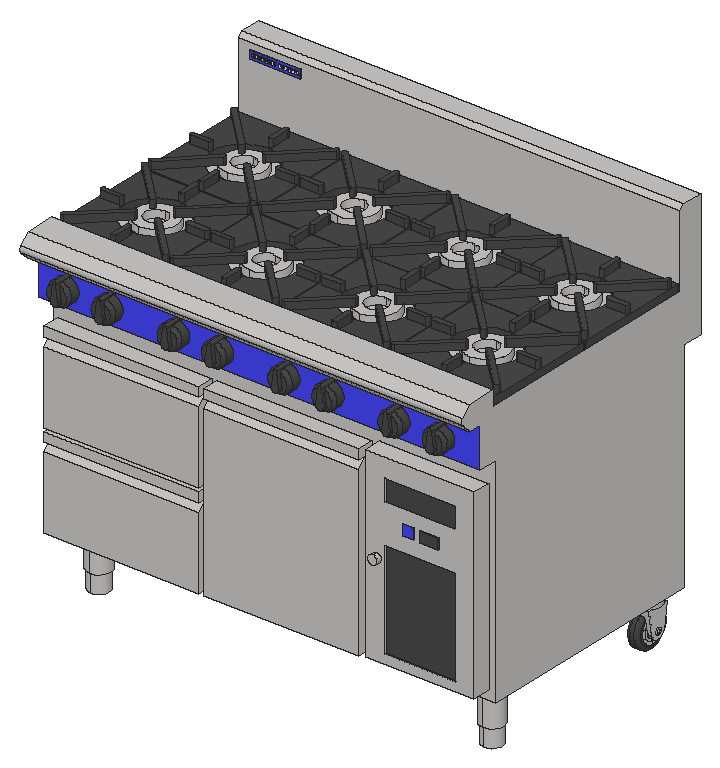
Revit family "QF_MOFFAT_BLUESEAL_CE_G518D-RB", category Specialty Equipment, Revit 2012 (continued)
Definition of nested family "WALDORF LOGO_FACE BASE"
  Forms (mm)
    Extrusion 3, solid, material "QF_Finishes_White", visible <- "Show Logo"
      sketch origin (0, -33.217, 1.588) x (1, 0, 0) y (0, 1, 0)
        loop
          line (123.478, 25.919) -> (123.478, 17.163) -> (134.904, 17.163) -> (134.904, 19.129) -> (129.246, 19.129) -> (129.246, 25.919) -> (123.478, 25.919)
        loop
          line (112.704, 21.258) -> (115.546, 21.258) -> (115.546, 22.702)
          arc (115.546, 22.702) -> (115.344, 23.188) -> (114.858, 23.389) r 0.687
          line (114.858, 23.389) -> (113.363, 23.389)
          arc (113.363, 23.389) -> (112.897, 23.196) -> (112.704, 22.73) r 0.658
          line (112.704, 22.73) -> (112.704, 21.258)
        loop
          line (105.071, 25.919) -> (93.771, 25.919) -> (93.771, 17.163) -> (105.071, 17.163) -> (105.071, 19.063) -> (99.535, 19.063) -> (99.535, 20.437) -> (105.071, 20.437) -> (105.071, 22.278) -> (99.535, 22.278) -> (99.535, 23.587) -> (105.071, 23.587) -> (105.071, 25.919)
        loop
          line (91.104, 25.919) -> (79.541, 25.919)
          arc (79.541, 25.919) -> (78.558, 25.513) -> (78.152, 24.53) r 1.389
          line (78.152, 24.53) -> (78.152, 22.08)
          arc (78.152, 22.08) -> (78.558, 21.098) -> (79.541, 20.691) r 1.389
          line (79.541, 20.691) -> (86.346, 20.691) -> (86.346, 18.864) -> (83.266, 18.864) -> (83.266, 19.664) -> (78.152, 19.664) -> (78.152, 18.553)
          arc (78.152, 18.553) -> (78.558, 17.57) -> (79.541, 17.163) r 1.389
          line (79.541, 17.163) -> (91.063, 17.163)
          arc (91.063, 17.163) -> (92.045, 17.57) -> (92.452, 18.553) r 1.389
          line (92.452, 18.553) -> (92.452, 20.691)
          arc (92.452, 20.691) -> (92.045, 21.673) -> (91.063, 22.08) r 1.389
          line (91.063, 22.08) -> (83.266, 22.08) -> (83.266, 23.984) -> (86.346, 23.984) -> (86.346, 22.743) -> (92.452, 22.743) -> (92.452, 24.571)
          arc (92.452, 24.571) -> (92.057, 25.524) -> (91.104, 25.919) r 1.348
        loop
          line (70.705, 25.919) -> (59.405, 25.919) -> (59.405, 17.163) -> (70.705, 17.163) -> (70.705, 19.063) -> (65.169, 19.063) -> (65.169, 20.437) -> (70.705, 20.437) -> (70.705, 22.278) -> (65.169, 22.278) -> (65.169, 23.587) -> (70.705, 23.587) -> (70.705, 25.919)
        loop
          line (57.598, 25.919) -> (51.7, 25.919) -> (51.7, 20.18)
          arc (51.7, 20.18) -> (50.63, 19.11) -> (49.56, 20.18) r 1.07
          line (49.56, 20.18) -> (49.56, 25.919) -> (43.663, 25.919) -> (43.663, 19.049)
          arc (43.663, 19.049) -> (44.215, 17.716) -> (45.548, 17.163) r 1.885
          line (45.548, 17.163) -> (55.71, 17.163)
          arc (55.71, 17.163) -> (57.045, 17.716) -> (57.598, 19.051) r 1.887
          line (57.598, 19.051) -> (57.598, 25.919)
        loop
          line (31.62, 25.919) -> (31.62, 17.163) -> (43.046, 17.163) -> (43.046, 19.129) -> (37.388, 19.129) -> (37.388, 25.919) -> (31.62, 25.919)
        loop
          line (15.969, 25.919) -> (15.969, 17.163) -> (28.693, 17.163)
          arc (28.693, 17.163) -> (29.812, 17.627) -> (30.276, 18.746) r 1.582
          line (30.276, 18.746) -> (30.276, 20.447) -> (29.48, 21.243) -> (30.276, 22.039) -> (30.276, 24.332)
          arc (30.276, 24.332) -> (29.811, 25.454) -> (28.688, 25.919) r 1.587
          line (28.688, 25.919) -> (15.969, 25.919)
        loop
          line (21.449, 24.159) -> (21.449, 22.436) -> (23.862, 22.436)
          arc (23.862, 22.436) -> (24.723, 23.298) -> (23.862, 24.159) r 0.861
          line (23.862, 24.159) -> (21.449, 24.159)
        loop
          line (21.449, 20.244) -> (21.449, 18.522) -> (23.862, 18.522)
          arc (23.862, 18.522) -> (24.723, 19.383) -> (23.862, 20.244) r 0.861
          line (23.862, 20.244) -> (21.449, 20.244)
      from 0 to 0.2
    Extrusion 4, solid, material "QF_Finishes_Blue", visible <- "Show Logo"
      sketch origin (-126.498, -31.09, 1.588) x (1, 0, 0) y (0, 1, 0)
        loop
          line (136.738, 23.522) -> (136.738, 15.1)
          arc (136.738, 15.1) -> (140.756, 19.311) -> (136.738, 23.522) r 4.216
      from 0 to 0.2
    Extrusion 5, solid, material "QF_Finishes_Red", visible <- "Show Logo"
      sketch origin (146.849, -31.09, 1.588) x (-1, 0, 0) y (0, -1, 0)
        loop
          arc (136.738, -23.522) -> (140.756, -19.311) -> (136.738, -15.1) r 4.216
          line (136.738, -15.1) -> (136.738, -23.522)
      from 0 to 0.2
  Lines and regions (mm)
    Split face 1
      outline origin (-90.35, -30.793, 1.588) x (1, 0, 0) y (0, 1, 0)
        loop
          circle (100.54, 19.013) r 4.536
  Dimensions and locks
    aligned and locked: plane 2 to Extrusion 1
    aligned and locked: level to Extrusion 1
Definition of nested family "GAS BURNER 1200"
  Parameters (values of type "GAS BURNER 1200")
    Width [instance] = 1200.0 mm
    Weight in Pounds = 0
    URL Cutsheet = ""
    Type Mark [instance] = ""
    Status [instance] = ""
    Specification by User [instance] = ""
    Specification by Manufacturer = ""
    Serial Number = ""
    Seismic Rating = ""
    SMACNA No = ""
    Revision Code [instance] = ""
    Omniclass Number and Title = ""
    NAFEM Spec ID Number = ""
    Masterspec = ""
    Item Number [instance] = ""
    Installed By [instance] = ""
    Identify Quantity as Lot [instance] = yes
    Furnished By [instance] = ""
    Foodservice Equipment Identifier [instance] = yes
    Depth [instance] = 635.0 mm
    CSI MasterFormat = ""
    CSI Master Format = ""
  Reference planes
    plane 1 "BACK": y = 0
    plane 2: z = 0
    plane 3 "LEFT": x = 0
    plane 4 "RIGHT": x = 1200
    plane 5 "FRONT": y = -635
    plane 6 "TOP": z = 142.5
    plane 7 "Center Y": x = 600
    plane 8 "Center X": y = -317.5
  Forms (mm)
    Extrusion 1, solid, material "QF_Finishes_Black"
      sketch origin (0, 0, 0) x (0, -1, 0) y (1, 0, 0)
        loop
          line (318.5, 4) -> (318.5, 296)
          arc (318.5, 296) -> (317.621, 298.121) -> (315.5, 299) r 3
          line (315.5, 299) -> (3, 299)
          arc (3, 299) -> (0.879, 298.121) -> (0, 296) r 3
          line (0, 296) -> (0, 4)
          arc (0, 4) -> (0.879, 1.879) -> (3, 1) r 3
          line (3, 1) -> (315.5, 1)
          arc (315.5, 1) -> (317.621, 1.879) -> (318.5, 4) r 3
        loop
          line (324.5, 1) -> (632, 1)
          arc (632, 1) -> (634.121, 1.879) -> (635, 4) r 3
          line (635, 4) -> (635, 296)
          arc (635, 296) -> (634.121, 298.121) -> (632, 299) r 3
          line (632, 299) -> (324.5, 299)
          arc (324.5, 299) -> (322.379, 298.121) -> (321.5, 296) r 3
          line (321.5, 296) -> (321.5, 4)
          arc (321.5, 4) -> (322.379, 1.879) -> (324.5, 1) r 3
        loop
          circle (168.5, 149.991) r 84.082
        loop
          circle (468.5, 149.991) r 84.082
      from 0 to 19.5
    Extrusion 2, solid, material "QF_Finishes_Black"
      sketch origin (0, 0, 19.5) x (0, -1, 0) y (1, 0, 0)
        loop
          spline (326.102, 15.153) -> (325.181, 13.924) -> (324.631, 12.47) -> (324.49, 10.89) -> (324.767, 9.292) -> (325.443, 7.786) -> (326.473, 6.473) -> (327.786, 5.443) -> (329.292, 4.767) -> (330.89, 4.49) -> (332.47, 4.631) -> (333.924, 5.181) -> (335.153, 6.102)
          line (335.153, 6.102) -> (443.076, 114.025)
          spline (443.076, 114.025) -> (443.837, 115.095) -> (444.238, 116.399) -> (444.251, 117.851) -> (443.875, 119.35) -> (443.137, 120.795) -> (442.086, 122.086) -> (440.795, 123.137) -> (439.35, 123.875) -> (437.851, 124.251) -> (436.399, 124.238) -> (435.095, 123.837) -> (434.025, 123.076)
          line (434.025, 123.076) -> (326.102, 15.153)
        loop
          spline (328.898, 156.4) -> (327.604, 156.182) -> (326.398, 155.543) -> (325.362, 154.525) -> (324.568, 153.2) -> (324.068, 151.656) -> (323.898, 150) -> (324.068, 148.344) -> (324.568, 146.8) -> (325.362, 145.475) -> (326.398, 144.457) -> (327.604, 143.818) -> (328.898, 143.6)
          line (328.898, 143.6) -> (378.102, 143.6)
          spline (378.102, 143.6) -> (379.396, 143.818) -> (380.602, 144.457) -> (381.638, 145.475) -> (382.432, 146.8) -> (382.932, 148.344) -> (383.102, 150) -> (382.932, 151.656) -> (382.432, 153.2) -> (381.638, 154.525) -> (380.602, 155.543) -> (379.396, 156.182) -> (378.102, 156.4)
          line (378.102, 156.4) -> (328.898, 156.4)
        loop
          spline (335.153, 293.898) -> (334.084, 294.659) -> (332.779, 295.059) -> (331.328, 295.072) -> (329.829, 294.697) -> (328.384, 293.959) -> (327.092, 292.908) -> (326.041, 291.616) -> (325.303, 290.171) -> (324.928, 288.672) -> (324.941, 287.221) -> (325.341, 285.916) -> (326.102, 284.847)
          line (326.102, 284.847) -> (434.025, 176.924)
          spline (434.025, 176.924) -> (435.095, 176.163) -> (436.399, 175.762) -> (437.851, 175.749) -> (439.35, 176.125) -> (440.795, 176.863) -> (442.086, 177.914) -> (443.137, 179.205) -> (443.875, 180.65) -> (444.251, 182.149) -> (444.238, 183.601) -> (443.837, 184.905) -> (443.076, 185.975)
          line (443.076, 185.975) -> (335.153, 293.898)
        loop
          line (463.6, 291.102) -> (463.6, 241.898)
          spline (463.6, 241.898) -> (463.818, 240.604) -> (464.457, 239.398) -> (465.475, 238.362) -> (466.8, 237.568) -> (468.344, 237.068) -> (470, 236.898) -> (471.656, 237.068) -> (473.2, 237.568) -> (474.525, 238.362) -> (475.543, 239.398) -> (476.182, 240.604) -> (476.4, 241.898)
          line (476.4, 241.898) -> (476.4, 291.102)
          spline (476.4, 291.102) -> (476.182, 292.396) -> (475.543, 293.602) -> (474.525, 294.638) -> (473.2, 295.432) -> (471.656, 295.932) -> (470, 296.102) -> (468.344, 295.932) -> (466.8, 295.432) -> (465.475, 294.638) -> (464.457, 293.602) -> (463.818, 292.396) -> (463.6, 291.102)
        loop
          spline (612.398, 284.847) -> (613.159, 285.916) -> (613.559, 287.221) -> (613.572, 288.672) -> (613.197, 290.171) -> (612.459, 291.616) -> (611.408, 292.908) -> (610.116, 293.959) -> (608.671, 294.697) -> (607.172, 295.072) -> (605.721, 295.059) -> (604.416, 294.659) -> (603.347, 293.898)
          line (603.347, 293.898) -> (496.924, 185.975)
          spline (496.924, 185.975) -> (496.163, 184.905) -> (495.762, 183.601) -> (495.749, 182.149) -> (496.125, 180.65) -> (496.863, 179.205) -> (497.914, 177.914) -> (499.205, 176.863) -> (500.65, 176.125) -> (502.149, 175.749) -> (503.601, 175.762) -> (504.905, 176.163) -> (505.975, 176.924)
          line (505.975, 176.924) -> (612.398, 284.847)
        loop
          spline (609.602, 143.6) -> (610.896, 143.818) -> (612.102, 144.457) -> (613.138, 145.475) -> (613.932, 146.8) -> (614.432, 148.344) -> (614.602, 150) -> (614.432, 151.656) -> (613.932, 153.2) -> (613.138, 154.525) -> (612.102, 155.543) -> (610.896, 156.182) -> (609.602, 156.4)
          line (609.602, 156.4) -> (561.898, 156.4)
          spline (561.898, 156.4) -> (560.604, 156.182) -> (559.398, 155.543) -> (558.362, 154.525) -> (557.568, 153.2) -> (557.068, 151.656) -> (556.898, 150) -> (557.068, 148.344) -> (557.568, 146.8) -> (558.362, 145.475) -> (559.398, 144.457) -> (560.604, 143.818) -> (561.898, 143.6)
          line (561.898, 143.6) -> (609.602, 143.6)
        loop
          line (612.398, 15.153) -> (505.975, 123.076)
          spline (505.975, 123.076) -> (504.905, 123.837) -> (503.601, 124.238) -> (502.149, 124.251) -> (500.65, 123.875) -> (499.205, 123.137) -> (497.914, 122.086) -> (496.863, 120.795) -> (496.125, 119.35) -> (495.749, 117.851) -> (495.762, 116.399) -> (496.163, 115.095) -> (496.924, 114.025)
          line (496.924, 114.025) -> (603.347, 6.102)
          spline (603.347, 6.102) -> (604.416, 5.341) -> (605.721, 4.941) -> (607.172, 4.928) -> (608.671, 5.303) -> (610.116, 6.041) -> (611.408, 7.092) -> (612.459, 8.384) -> (613.197, 9.829) -> (613.572, 11.328) -> (613.559, 12.779) -> (613.159, 14.084) -> (612.398, 15.153)
        loop
          line (476.4, 8.898) -> (476.4, 58.102)
          spline (476.4, 58.102) -> (476.182, 59.396) -> (475.543, 60.602) -> (474.525, 61.638) -> (473.2, 62.432) -> (471.656, 62.932) -> (470, 63.102) -> (468.344, 62.932) -> (466.8, 62.432) -> (465.475, 61.638) -> (464.457, 60.602) -> (463.818, 59.396) -> (463.6, 58.102)
          line (463.6, 58.102) -> (463.6, 8.898)
          spline (463.6, 8.898) -> (463.818, 7.604) -> (464.457, 6.398) -> (465.475, 5.362) -> (466.8, 4.568) -> (468.344, 4.068) -> (470, 3.898) -> (471.656, 4.068) -> (473.2, 4.568) -> (474.525, 5.362) -> (475.543, 6.398) -> (476.182, 7.604) -> (476.4, 8.898)
        loop
          spline (22.602, 15.153) -> (21.681, 13.924) -> (21.131, 12.47) -> (20.99, 10.89) -> (21.267, 9.292) -> (21.943, 7.786) -> (22.973, 6.473) -> (24.286, 5.443) -> (25.792, 4.767) -> (27.39, 4.49) -> (28.97, 4.631) -> (30.424, 5.181) -> (31.653, 6.102)
          line (31.653, 6.102) -> (139.576, 114.025)
          spline (139.576, 114.025) -> (140.337, 115.095) -> (140.738, 116.399) -> (140.751, 117.851) -> (140.375, 119.35) -> (139.637, 120.795) -> (138.586, 122.086) -> (137.295, 123.137) -> (135.85, 123.875) -> (134.351, 124.251) -> (132.899, 124.238) -> (131.595, 123.837) -> (130.525, 123.076)
          line (130.525, 123.076) -> (22.602, 15.153)
        loop
          spline (25.398, 156.4) -> (24.104, 156.182) -> (22.898, 155.543) -> (21.862, 154.525) -> (21.068, 153.2) -> (20.568, 151.656) -> (20.398, 150) -> (20.568, 148.344) -> (21.068, 146.8) -> (21.862, 145.475) -> (22.898, 144.457) -> (24.104, 143.818) -> (25.398, 143.6)
          line (25.398, 143.6) -> (74.602, 143.6)
          spline (74.602, 143.6) -> (75.896, 143.818) -> (77.102, 144.457) -> (78.138, 145.475) -> (78.932, 146.8) -> (79.432, 148.344) -> (79.602, 150) -> (79.432, 151.656) -> (78.932, 153.2) -> (78.138, 154.525) -> (77.102, 155.543) -> (75.896, 156.182) -> (74.602, 156.4)
          line (74.602, 156.4) -> (25.398, 156.4)
        loop
          spline (31.653, 293.898) -> (30.584, 294.659) -> (29.279, 295.059) -> (27.828, 295.072) -> (26.329, 294.697) -> (24.884, 293.959) -> (23.592, 292.908) -> (22.541, 291.616) -> (21.803, 290.171) -> (21.428, 288.672) -> (21.441, 287.221) -> (21.841, 285.916) -> (22.602, 284.847)
          line (22.602, 284.847) -> (130.525, 176.924)
          spline (130.525, 176.924) -> (131.595, 176.163) -> (132.899, 175.762) -> (134.351, 175.749) -> (135.85, 176.125) -> (137.295, 176.863) -> (138.586, 177.914) -> (139.637, 179.205) -> (140.375, 180.65) -> (140.751, 182.149) -> (140.738, 183.601) -> (140.337, 184.905) -> (139.576, 185.975)
          line (139.576, 185.975) -> (31.653, 293.898)
        loop
          line (160.1, 291.102) -> (160.1, 241.898)
          spline (160.1, 241.898) -> (160.318, 240.604) -> (160.957, 239.398) -> (161.975, 238.362) -> (163.3, 237.568) -> (164.844, 237.068) -> (166.5, 236.898) -> (168.156, 237.068) -> (169.7, 237.568) -> (171.025, 238.362) -> (172.043, 239.398) -> (172.682, 240.604) -> (172.9, 241.898)
          line (172.9, 241.898) -> (172.9, 291.102)
          spline (172.9, 291.102) -> (172.682, 292.396) -> (172.043, 293.602) -> (171.025, 294.638) -> (169.7, 295.432) -> (168.156, 295.932) -> (166.5, 296.102) -> (164.844, 295.932) -> (163.3, 295.432) -> (161.975, 294.638) -> (160.957, 293.602) -> (160.318, 292.396) -> (160.1, 291.102)
        loop
          spline (313.898, 284.847) -> (314.659, 285.916) -> (315.059, 287.221) -> (315.072, 288.672) -> (314.697, 290.171) -> (313.959, 291.616) -> (312.908, 292.908) -> (311.616, 293.959) -> (310.171, 294.697) -> (308.672, 295.072) -> (307.221, 295.059) -> (305.916, 294.659) -> (304.847, 293.898)
          line (304.847, 293.898) -> (193.424, 185.975)
          spline (193.424, 185.975) -> (192.663, 184.905) -> (192.262, 183.601) -> (192.249, 182.149) -> (192.625, 180.65) -> (193.363, 179.205) -> (194.414, 177.914) -> (195.705, 176.863) -> (197.15, 176.125) -> (198.649, 175.749) -> (200.101, 175.762) -> (201.405, 176.163) -> (202.475, 176.924)
          line (202.475, 176.924) -> (313.898, 284.847)
        loop
          spline (311.102, 143.6) -> (312.396, 143.818) -> (313.602, 144.457) -> (314.638, 145.475) -> (315.432, 146.8) -> (315.932, 148.344) -> (316.102, 150) -> (315.932, 151.656) -> (315.432, 153.2) -> (314.638, 154.525) -> (313.602, 155.543) -> (312.396, 156.182) -> (311.102, 156.4)
          line (311.102, 156.4) -> (261.898, 156.4)
          spline (261.898, 156.4) -> (260.604, 156.182) -> (259.398, 155.543) -> (258.362, 154.525) -> (257.568, 153.2) -> (257.068, 151.656) -> (256.898, 150) -> (257.068, 148.344) -> (257.568, 146.8) -> (258.362, 145.475) -> (259.398, 144.457) -> (260.604, 143.818) -> (261.898, 143.6)
          line (261.898, 143.6) -> (311.102, 143.6)
        loop
          line (313.898, 15.153) -> (202.475, 123.076)
          spline (202.475, 123.076) -> (201.405, 123.837) -> (200.101, 124.238) -> (198.649, 124.251) -> (197.15, 123.875) -> (195.705, 123.137) -> (194.414, 122.086) -> (193.363, 120.795) -> (192.625, 119.35) -> (192.249, 117.851) -> (192.262, 116.399) -> (192.663, 115.095) -> (193.424, 114.025)
          line (193.424, 114.025) -> (304.847, 6.102)
          spline (304.847, 6.102) -> (305.916, 5.341) -> (307.221, 4.941) -> (308.672, 4.928) -> (310.171, 5.303) -> (311.616, 6.041) -> (312.908, 7.092) -> (313.959, 8.384) -> (314.697, 9.829) -> (315.072, 11.328) -> (315.059, 12.779) -> (314.659, 14.084) -> (313.898, 15.153)
        loop
          line (172.9, 8.898) -> (172.9, 58.102)
          spline (172.9, 58.102) -> (172.682, 59.396) -> (172.043, 60.602) -> (171.025, 61.638) -> (169.7, 62.432) -> (168.156, 62.932) -> (166.5, 63.102) -> (164.844, 62.932) -> (163.3, 62.432) -> (161.975, 61.638) -> (160.957, 60.602) -> (160.318, 59.396) -> (160.1, 58.102)
          line (160.1, 58.102) -> (160.1, 8.898)
          spline (160.1, 8.898) -> (160.318, 7.604) -> (160.957, 6.398) -> (161.975, 5.362) -> (163.3, 4.568) -> (164.844, 4.068) -> (166.5, 3.898) -> (168.156, 4.068) -> (169.7, 4.568) -> (171.025, 5.362) -> (172.043, 6.398) -> (172.682, 7.604) -> (172.9, 8.898)
      from 0 to 20.5
    Extrusion 3, solid, material "QF_Finishes_Stainless Steel"
      sketch origin (0, -15.098, 0) x (0, -1, 0) y (1, 0, 0)
        loop
          circle (151.402, 150) r 57
        loop
          circle (451.402, 150) r 57
        loop
          circle (151.402, 150) r 30
        loop
          circle (451.402, 150) r 30
      from 0 to 20
    Extrusion 4, solid, material "QF_Finishes_Black"
      sketch origin (600, 0, 0) x (0, -1, 0) y (1, 0, 0)
        loop
          arc (318.5, -4) -> (317.621, -1.879) -> (315.5, -1) r 3
          line (315.5, -1) -> (3, -1)
          arc (3, -1) -> (0.879, -1.879) -> (0, -4) r 3
          line (0, -4) -> (0, -296)
          arc (0, -296) -> (0.879, -298.121) -> (3, -299) r 3
          line (3, -299) -> (315.5, -299)
          arc (315.5, -299) -> (317.621, -298.121) -> (318.5, -296) r 3
          line (318.5, -296) -> (318.5, -4)
        loop
          arc (324.5, -1) -> (322.379, -1.879) -> (321.5, -4) r 3
          line (321.5, -4) -> (321.5, -296)
          arc (321.5, -296) -> (322.379, -298.121) -> (324.5, -299) r 3
          line (324.5, -299) -> (632, -299)
          arc (632, -299) -> (634.121, -298.121) -> (635, -296) r 3
          line (635, -296) -> (635, -4)
          arc (635, -4) -> (634.121, -1.879) -> (632, -1) r 3
          line (632, -1) -> (324.5, -1)
        loop
          circle (168.5, -149.991) r 84.082
        loop
          circle (468.5, -149.991) r 84.082
      from 0 to 19.5
    Extrusion 5, solid, material "QF_Finishes_Black"
      sketch origin (600, 0, 19.5) x (0, -1, 0) y (1, 0, 0)
        loop
          line (326.102, -15.153) -> (434.025, -123.076)
          spline (434.025, -123.076) -> (435.095, -123.837) -> (436.399, -124.238) -> (437.851, -124.251) -> (439.35, -123.875) -> (440.795, -123.137) -> (442.086, -122.086) -> (443.137, -120.795) -> (443.875, -119.35) -> (444.251, -117.851) -> (444.238, -116.399) -> (443.837, -115.095) -> (443.076, -114.025)
          line (443.076, -114.025) -> (335.153, -6.102)
          spline (335.153, -6.102) -> (333.924, -5.181) -> (332.47, -4.631) -> (330.89, -4.49) -> (329.292, -4.767) -> (327.786, -5.443) -> (326.473, -6.473) -> (325.443, -7.786) -> (324.767, -9.292) -> (324.49, -10.89) -> (324.631, -12.47) -> (325.181, -13.924) -> (326.102, -15.153)
        loop
          line (328.898, -156.4) -> (378.102, -156.4)
          spline (378.102, -156.4) -> (379.396, -156.182) -> (380.602, -155.543) -> (381.638, -154.525) -> (382.432, -153.2) -> (382.932, -151.656) -> (383.102, -150) -> (382.932, -148.344) -> (382.432, -146.8) -> (381.638, -145.475) -> (380.602, -144.457) -> (379.396, -143.818) -> (378.102, -143.6)
          line (378.102, -143.6) -> (328.898, -143.6)
          spline (328.898, -143.6) -> (327.604, -143.818) -> (326.398, -144.457) -> (325.362, -145.475) -> (324.568, -146.8) -> (324.068, -148.344) -> (323.898, -150) -> (324.068, -151.656) -> (324.568, -153.2) -> (325.362, -154.525) -> (326.398, -155.543) -> (327.604, -156.182) -> (328.898, -156.4)
        loop
          line (335.153, -293.898) -> (443.076, -185.975)
          spline (443.076, -185.975) -> (443.837, -184.905) -> (444.238, -183.601) -> (444.251, -182.149) -> (443.875, -180.65) -> (443.137, -179.205) -> (442.086, -177.914) -> (440.795, -176.863) -> (439.35, -176.125) -> (437.851, -175.749) -> (436.399, -175.762) -> (435.095, -176.163) -> (434.025, -176.924)
          line (434.025, -176.924) -> (326.102, -284.847)
          spline (326.102, -284.847) -> (325.341, -285.916) -> (324.941, -287.221) -> (324.928, -288.672) -> (325.303, -290.171) -> (326.041, -291.616) -> (327.092, -292.908) -> (328.384, -293.959) -> (329.829, -294.697) -> (331.328, -295.072) -> (332.779, -295.059) -> (334.084, -294.659) -> (335.153, -293.898)
        loop
          spline (463.6, -291.102) -> (463.818, -292.396) -> (464.457, -293.602) -> (465.475, -294.638) -> (466.8, -295.432) -> (468.344, -295.932) -> (470, -296.102) -> (471.656, -295.932) -> (473.2, -295.432) -> (474.525, -294.638) -> (475.543, -293.602) -> (476.182, -292.396) -> (476.4, -291.102)
          line (476.4, -291.102) -> (476.4, -241.898)
          spline (476.4, -241.898) -> (476.182, -240.604) -> (475.543, -239.398) -> (474.525, -238.362) -> (473.2, -237.568) -> (471.656, -237.068) -> (470, -236.898) -> (468.344, -237.068) -> (466.8, -237.568) -> (465.475, -238.362) -> (464.457, -239.398) -> (463.818, -240.604) -> (463.6, -241.898)
          line (463.6, -241.898) -> (463.6, -291.102)
        loop
          line (612.398, -284.847) -> (505.975, -176.924)
          spline (505.975, -176.924) -> (504.905, -176.163) -> (503.601, -175.762) -> (502.149, -175.749) -> (500.65, -176.125) -> (499.205, -176.863) -> (497.914, -177.914) -> (496.863, -179.205) -> (496.125, -180.65) -> (495.749, -182.149) -> (495.762, -183.601) -> (496.163, -184.905) -> (496.924, -185.975)
          line (496.924, -185.975) -> (603.347, -293.898)
          spline (603.347, -293.898) -> (604.416, -294.659) -> (605.721, -295.059) -> (607.172, -295.072) -> (608.671, -294.697) -> (610.116, -293.959) -> (611.408, -292.908) -> (612.459, -291.616) -> (613.197, -290.171) -> (613.572, -288.672) -> (613.559, -287.221) -> (613.159, -285.916) -> (612.398, -284.847)
        loop
          line (609.602, -143.6) -> (561.898, -143.6)
          spline (561.898, -143.6) -> (560.604, -143.818) -> (559.398, -144.457) -> (558.362, -145.475) -> (557.568, -146.8) -> (557.068, -148.344) -> (556.898, -150) -> (557.068, -151.656) -> (557.568, -153.2) -> (558.362, -154.525) -> (559.398, -155.543) -> (560.604, -156.182) -> (561.898, -156.4)
          line (561.898, -156.4) -> (609.602, -156.4)
          spline (609.602, -156.4) -> (610.896, -156.182) -> (612.102, -155.543) -> (613.138, -154.525) -> (613.932, -153.2) -> (614.432, -151.656) -> (614.602, -150) -> (614.432, -148.344) -> (613.932, -146.8) -> (613.138, -145.475) -> (612.102, -144.457) -> (610.896, -143.818) -> (609.602, -143.6)
        loop
          spline (612.398, -15.153) -> (613.159, -14.084) -> (613.559, -12.779) -> (613.572, -11.328) -> (613.197, -9.829) -> (612.459, -8.384) -> (611.408, -7.092) -> (610.116, -6.041) -> (608.671, -5.303) -> (607.172, -4.928) -> (605.721, -4.941) -> (604.416, -5.341) -> (603.347, -6.102)
          line (603.347, -6.102) -> (496.924, -114.025)
          spline (496.924, -114.025) -> (496.163, -115.095) -> (495.762, -116.399) -> (495.749, -117.851) -> (496.125, -119.35) -> (496.863, -120.795) -> (497.914, -122.086) -> (499.205, -123.137) -> (500.65, -123.875) -> (502.149, -124.251) -> (503.601, -124.238) -> (504.905, -123.837) -> (505.975, -123.076)
          line (505.975, -123.076) -> (612.398, -15.153)
        loop
          spline (476.4, -8.898) -> (476.182, -7.604) -> (475.543, -6.398) -> (474.525, -5.362) -> (473.2, -4.568) -> (471.656, -4.068) -> (470, -3.898) -> (468.344, -4.068) -> (466.8, -4.568) -> (465.475, -5.362) -> (464.457, -6.398) -> (463.818, -7.604) -> (463.6, -8.898)
          line (463.6, -8.898) -> (463.6, -58.102)
          spline (463.6, -58.102) -> (463.818, -59.396) -> (464.457, -60.602) -> (465.475, -61.638) -> (466.8, -62.432) -> (468.344, -62.932) -> (470, -63.102) -> (471.656, -62.932) -> (473.2, -62.432) -> (474.525, -61.638) -> (475.543, -60.602) -> (476.182, -59.396) -> (476.4, -58.102)
          line (476.4, -58.102) -> (476.4, -8.898)
        loop
          line (22.602, -15.153) -> (130.525, -123.076)
          spline (130.525, -123.076) -> (131.595, -123.837) -> (132.899, -124.238) -> (134.351, -124.251) -> (135.85, -123.875) -> (137.295, -123.137) -> (138.586, -122.086) -> (139.637, -120.795) -> (140.375, -119.35) -> (140.751, -117.851) -> (140.738, -116.399) -> (140.337, -115.095) -> (139.576, -114.025)
          line (139.576, -114.025) -> (31.653, -6.102)
          spline (31.653, -6.102) -> (30.424, -5.181) -> (28.97, -4.631) -> (27.39, -4.49) -> (25.792, -4.767) -> (24.286, -5.443) -> (22.973, -6.473) -> (21.943, -7.786) -> (21.267, -9.292) -> (20.99, -10.89) -> (21.131, -12.47) -> (21.681, -13.924) -> (22.602, -15.153)
        loop
          line (25.398, -156.4) -> (74.602, -156.4)
          spline (74.602, -156.4) -> (75.896, -156.182) -> (77.102, -155.543) -> (78.138, -154.525) -> (78.932, -153.2) -> (79.432, -151.656) -> (79.602, -150) -> (79.432, -148.344) -> (78.932, -146.8) -> (78.138, -145.475) -> (77.102, -144.457) -> (75.896, -143.818) -> (74.602, -143.6)
          line (74.602, -143.6) -> (25.398, -143.6)
          spline (25.398, -143.6) -> (24.104, -143.818) -> (22.898, -144.457) -> (21.862, -145.475) -> (21.068, -146.8) -> (20.568, -148.344) -> (20.398, -150) -> (20.568, -151.656) -> (21.068, -153.2) -> (21.862, -154.525) -> (22.898, -155.543) -> (24.104, -156.182) -> (25.398, -156.4)
        loop
          line (31.653, -293.898) -> (139.576, -185.975)
          spline (139.576, -185.975) -> (140.337, -184.905) -> (140.738, -183.601) -> (140.751, -182.149) -> (140.375, -180.65) -> (139.637, -179.205) -> (138.586, -177.914) -> (137.295, -176.863) -> (135.85, -176.125) -> (134.351, -175.749) -> (132.899, -175.762) -> (131.595, -176.163) -> (130.525, -176.924)
          line (130.525, -176.924) -> (22.602, -284.847)
          spline (22.602, -284.847) -> (21.841, -285.916) -> (21.441, -287.221) -> (21.428, -288.672) -> (21.803, -290.171) -> (22.541, -291.616) -> (23.592, -292.908) -> (24.884, -293.959) -> (26.329, -294.697) -> (27.828, -295.072) -> (29.279, -295.059) -> (30.584, -294.659) -> (31.653, -293.898)
        loop
          spline (160.1, -291.102) -> (160.318, -292.396) -> (160.957, -293.602) -> (161.975, -294.638) -> (163.3, -295.432) -> (164.844, -295.932) -> (166.5, -296.102) -> (168.156, -295.932) -> (169.7, -295.432) -> (171.025, -294.638) -> (172.043, -293.602) -> (172.682, -292.396) -> (172.9, -291.102)
          line (172.9, -291.102) -> (172.9, -241.898)
          spline (172.9, -241.898) -> (172.682, -240.604) -> (172.043, -239.398) -> (171.025, -238.362) -> (169.7, -237.568) -> (168.156, -237.068) -> (166.5, -236.898) -> (164.844, -237.068) -> (163.3, -237.568) -> (161.975, -238.362) -> (160.957, -239.398) -> (160.318, -240.604) -> (160.1, -241.898)
          line (160.1, -241.898) -> (160.1, -291.102)
        loop
          line (313.898, -284.847) -> (202.475, -176.924)
          spline (202.475, -176.924) -> (201.405, -176.163) -> (200.101, -175.762) -> (198.649, -175.749) -> (197.15, -176.125) -> (195.705, -176.863) -> (194.414, -177.914) -> (193.363, -179.205) -> (192.625, -180.65) -> (192.249, -182.149) -> (192.262, -183.601) -> (192.663, -184.905) -> (193.424, -185.975)
          line (193.424, -185.975) -> (304.847, -293.898)
          spline (304.847, -293.898) -> (305.916, -294.659) -> (307.221, -295.059) -> (308.672, -295.072) -> (310.171, -294.697) -> (311.616, -293.959) -> (312.908, -292.908) -> (313.959, -291.616) -> (314.697, -290.171) -> (315.072, -288.672) -> (315.059, -287.221) -> (314.659, -285.916) -> (313.898, -284.847)
        loop
          line (311.102, -143.6) -> (261.898, -143.6)
          spline (261.898, -143.6) -> (260.604, -143.818) -> (259.398, -144.457) -> (258.362, -145.475) -> (257.568, -146.8) -> (257.068, -148.344) -> (256.898, -150) -> (257.068, -151.656) -> (257.568, -153.2) -> (258.362, -154.525) -> (259.398, -155.543) -> (260.604, -156.182) -> (261.898, -156.4)
          line (261.898, -156.4) -> (311.102, -156.4)
          spline (311.102, -156.4) -> (312.396, -156.182) -> (313.602, -155.543) -> (314.638, -154.525) -> (315.432, -153.2) -> (315.932, -151.656) -> (316.102, -150) -> (315.932, -148.344) -> (315.432, -146.8) -> (314.638, -145.475) -> (313.602, -144.457) -> (312.396, -143.818) -> (311.102, -143.6)
        loop
          spline (313.898, -15.153) -> (314.659, -14.084) -> (315.059, -12.779) -> (315.072, -11.328) -> (314.697, -9.829) -> (313.959, -8.384) -> (312.908, -7.092) -> (311.616, -6.041) -> (310.171, -5.303) -> (308.672, -4.928) -> (307.221, -4.941) -> (305.916, -5.341) -> (304.847, -6.102)
          line (304.847, -6.102) -> (193.424, -114.025)
          spline (193.424, -114.025) -> (192.663, -115.095) -> (192.262, -116.399) -> (192.249, -117.851) -> (192.625, -119.35) -> (193.363, -120.795) -> (194.414, -122.086) -> (195.705, -123.137) -> (197.15, -123.875) -> (198.649, -124.251) -> (200.101, -124.238) -> (201.405, -123.837) -> (202.475, -123.076)
          line (202.475, -123.076) -> (313.898, -15.153)
        loop
          spline (172.9, -8.898) -> (172.682, -7.604) -> (172.043, -6.398) -> (171.025, -5.362) -> (169.7, -4.568) -> (168.156, -4.068) -> (166.5, -3.898) -> (164.844, -4.068) -> (163.3, -4.568) -> (161.975, -5.362) -> (160.957, -6.398) -> (160.318, -7.604) -> (160.1, -8.898)
          line (160.1, -8.898) -> (160.1, -58.102)
          spline (160.1, -58.102) -> (160.318, -59.396) -> (160.957, -60.602) -> (161.975, -61.638) -> (163.3, -62.432) -> (164.844, -62.932) -> (166.5, -63.102) -> (168.156, -62.932) -> (169.7, -62.432) -> (171.025, -61.638) -> (172.043, -60.602) -> (172.682, -59.396) -> (172.9, -58.102)
          line (172.9, -58.102) -> (172.9, -8.898)
      from 0 to 20.5
    Extrusion 6, solid, material "QF_Finishes_Stainless Steel"
      sketch origin (600, -15.098, 0) x (0, -1, 0) y (1, 0, 0)
        loop
          circle (151.402, -150) r 57
        loop
          circle (451.402, -150) r 57
        loop
          circle (151.402, -150) r 30
        loop
          circle (451.402, -150) r 30
      from 0 to 20
    Extrusion 7, solid, material "QF_Finishes_Black"
      sketch origin (901, 0, 19.5) x (0, -1, 0) y (1, 0, 0)
        loop
          line (326.102, -15.153) -> (434.025, -123.076)
          spline (434.025, -123.076) -> (435.095, -123.837) -> (436.399, -124.238) -> (437.851, -124.251) -> (439.35, -123.875) -> (440.795, -123.137) -> (442.086, -122.086) -> (443.137, -120.795) -> (443.875, -119.35) -> (444.251, -117.851) -> (444.238, -116.399) -> (443.837, -115.095) -> (443.076, -114.025)
          line (443.076, -114.025) -> (335.153, -6.102)
          spline (335.153, -6.102) -> (333.924, -5.181) -> (332.47, -4.631) -> (330.89, -4.49) -> (329.292, -4.767) -> (327.786, -5.443) -> (326.473, -6.473) -> (325.443, -7.786) -> (324.767, -9.292) -> (324.49, -10.89) -> (324.631, -12.47) -> (325.181, -13.924) -> (326.102, -15.153)
        loop
          line (328.898, -156.4) -> (378.102, -156.4)
          spline (378.102, -156.4) -> (379.396, -156.182) -> (380.602, -155.543) -> (381.638, -154.525) -> (382.432, -153.2) -> (382.932, -151.656) -> (383.102, -150) -> (382.932, -148.344) -> (382.432, -146.8) -> (381.638, -145.475) -> (380.602, -144.457) -> (379.396, -143.818) -> (378.102, -143.6)
          line (378.102, -143.6) -> (328.898, -143.6)
          spline (328.898, -143.6) -> (327.604, -143.818) -> (326.398, -144.457) -> (325.362, -145.475) -> (324.568, -146.8) -> (324.068, -148.344) -> (323.898, -150) -> (324.068, -151.656) -> (324.568, -153.2) -> (325.362, -154.525) -> (326.398, -155.543) -> (327.604, -156.182) -> (328.898, -156.4)
        loop
          line (335.153, -293.898) -> (443.076, -185.975)
          spline (443.076, -185.975) -> (443.837, -184.905) -> (444.238, -183.601) -> (444.251, -182.149) -> (443.875, -180.65) -> (443.137, -179.205) -> (442.086, -177.914) -> (440.795, -176.863) -> (439.35, -176.125) -> (437.851, -175.749) -> (436.399, -175.762) -> (435.095, -176.163) -> (434.025, -176.924)
          line (434.025, -176.924) -> (326.102, -284.847)
          spline (326.102, -284.847) -> (325.341, -285.916) -> (324.941, -287.221) -> (324.928, -288.672) -> (325.303, -290.171) -> (326.041, -291.616) -> (327.092, -292.908) -> (328.384, -293.959) -> (329.829, -294.697) -> (331.328, -295.072) -> (332.779, -295.059) -> (334.084, -294.659) -> (335.153, -293.898)
        loop
          spline (463.6, -291.102) -> (463.818, -292.396) -> (464.457, -293.602) -> (465.475, -294.638) -> (466.8, -295.432) -> (468.344, -295.932) -> (470, -296.102) -> (471.656, -295.932) -> (473.2, -295.432) -> (474.525, -294.638) -> (475.543, -293.602) -> (476.182, -292.396) -> (476.4, -291.102)
          line (476.4, -291.102) -> (476.4, -241.898)
          spline (476.4, -241.898) -> (476.182, -240.604) -> (475.543, -239.398) -> (474.525, -238.362) -> (473.2, -237.568) -> (471.656, -237.068) -> (470, -236.898) -> (468.344, -237.068) -> (466.8, -237.568) -> (465.475, -238.362) -> (464.457, -239.398) -> (463.818, -240.604) -> (463.6, -241.898)
          line (463.6, -241.898) -> (463.6, -291.102)
        loop
          line (612.398, -284.847) -> (505.975, -176.924)
          spline (505.975, -176.924) -> (504.905, -176.163) -> (503.601, -175.762) -> (502.149, -175.749) -> (500.65, -176.125) -> (499.205, -176.863) -> (497.914, -177.914) -> (496.863, -179.205) -> (496.125, -180.65) -> (495.749, -182.149) -> (495.762, -183.601) -> (496.163, -184.905) -> (496.924, -185.975)
          line (496.924, -185.975) -> (603.347, -293.898)
          spline (603.347, -293.898) -> (604.416, -294.659) -> (605.721, -295.059) -> (607.172, -295.072) -> (608.671, -294.697) -> (610.116, -293.959) -> (611.408, -292.908) -> (612.459, -291.616) -> (613.197, -290.171) -> (613.572, -288.672) -> (613.559, -287.221) -> (613.159, -285.916) -> (612.398, -284.847)
        loop
          line (609.602, -143.6) -> (561.898, -143.6)
          spline (561.898, -143.6) -> (560.604, -143.818) -> (559.398, -144.457) -> (558.362, -145.475) -> (557.568, -146.8) -> (557.068, -148.344) -> (556.898, -150) -> (557.068, -151.656) -> (557.568, -153.2) -> (558.362, -154.525) -> (559.398, -155.543) -> (560.604, -156.182) -> (561.898, -156.4)
          line (561.898, -156.4) -> (609.602, -156.4)
          spline (609.602, -156.4) -> (610.896, -156.182) -> (612.102, -155.543) -> (613.138, -154.525) -> (613.932, -153.2) -> (614.432, -151.656) -> (614.602, -150) -> (614.432, -148.344) -> (613.932, -146.8) -> (613.138, -145.475) -> (612.102, -144.457) -> (610.896, -143.818) -> (609.602, -143.6)
        loop
          spline (612.398, -15.153) -> (613.159, -14.084) -> (613.559, -12.779) -> (613.572, -11.328) -> (613.197, -9.829) -> (612.459, -8.384) -> (611.408, -7.092) -> (610.116, -6.041) -> (608.671, -5.303) -> (607.172, -4.928) -> (605.721, -4.941) -> (604.416, -5.341) -> (603.347, -6.102)
          line (603.347, -6.102) -> (496.924, -114.025)
          spline (496.924, -114.025) -> (496.163, -115.095) -> (495.762, -116.399) -> (495.749, -117.851) -> (496.125, -119.35) -> (496.863, -120.795) -> (497.914, -122.086) -> (499.205, -123.137) -> (500.65, -123.875) -> (502.149, -124.251) -> (503.601, -124.238) -> (504.905, -123.837) -> (505.975, -123.076)
          line (505.975, -123.076) -> (612.398, -15.153)
        loop
          spline (476.4, -8.898) -> (476.182, -7.604) -> (475.543, -6.398) -> (474.525, -5.362) -> (473.2, -4.568) -> (471.656, -4.068) -> (470, -3.898) -> (468.344, -4.068) -> (466.8, -4.568) -> (465.475, -5.362) -> (464.457, -6.398) -> (463.818, -7.604) -> (463.6, -8.898)
          line (463.6, -8.898) -> (463.6, -58.102)
          spline (463.6, -58.102) -> (463.818, -59.396) -> (464.457, -60.602) -> (465.475, -61.638) -> (466.8, -62.432) -> (468.344, -62.932) -> (470, -63.102) -> (471.656, -62.932) -> (473.2, -62.432) -> (474.525, -61.638) -> (475.543, -60.602) -> (476.182, -59.396) -> (476.4, -58.102)
          line (476.4, -58.102) -> (476.4, -8.898)
        loop
          line (22.602, -15.153) -> (130.525, -123.076)
          spline (130.525, -123.076) -> (131.595, -123.837) -> (132.899, -124.238) -> (134.351, -124.251) -> (135.85, -123.875) -> (137.295, -123.137) -> (138.586, -122.086) -> (139.637, -120.795) -> (140.375, -119.35) -> (140.751, -117.851) -> (140.738, -116.399) -> (140.337, -115.095) -> (139.576, -114.025)
          line (139.576, -114.025) -> (31.653, -6.102)
          spline (31.653, -6.102) -> (30.424, -5.181) -> (28.97, -4.631) -> (27.39, -4.49) -> (25.792, -4.767) -> (24.286, -5.443) -> (22.973, -6.473) -> (21.943, -7.786) -> (21.267, -9.292) -> (20.99, -10.89) -> (21.131, -12.47) -> (21.681, -13.924) -> (22.602, -15.153)
        loop
          line (25.398, -156.4) -> (74.602, -156.4)
          spline (74.602, -156.4) -> (75.896, -156.182) -> (77.102, -155.543) -> (78.138, -154.525) -> (78.932, -153.2) -> (79.432, -151.656) -> (79.602, -150) -> (79.432, -148.344) -> (78.932, -146.8) -> (78.138, -145.475) -> (77.102, -144.457) -> (75.896, -143.818) -> (74.602, -143.6)
          line (74.602, -143.6) -> (25.398, -143.6)
          spline (25.398, -143.6) -> (24.104, -143.818) -> (22.898, -144.457) -> (21.862, -145.475) -> (21.068, -146.8) -> (20.568, -148.344) -> (20.398, -150) -> (20.568, -151.656) -> (21.068, -153.2) -> (21.862, -154.525) -> (22.898, -155.543) -> (24.104, -156.182) -> (25.398, -156.4)
        loop
          line (31.653, -293.898) -> (139.576, -185.975)
          spline (139.576, -185.975) -> (140.337, -184.905) -> (140.738, -183.601) -> (140.751, -182.149) -> (140.375, -180.65) -> (139.637, -179.205) -> (138.586, -177.914) -> (137.295, -176.863) -> (135.85, -176.125) -> (134.351, -175.749) -> (132.899, -175.762) -> (131.595, -176.163) -> (130.525, -176.924)
          line (130.525, -176.924) -> (22.602, -284.847)
          spline (22.602, -284.847) -> (21.841, -285.916) -> (21.441, -287.221) -> (21.428, -288.672) -> (21.803, -290.171) -> (22.541, -291.616) -> (23.592, -292.908) -> (24.884, -293.959) -> (26.329, -294.697) -> (27.828, -295.072) -> (29.279, -295.059) -> (30.584, -294.659) -> (31.653, -293.898)
        loop
          spline (160.1, -291.102) -> (160.318, -292.396) -> (160.957, -293.602) -> (161.975, -294.638) -> (163.3, -295.432) -> (164.844, -295.932) -> (166.5, -296.102) -> (168.156, -295.932) -> (169.7, -295.432) -> (171.025, -294.638) -> (172.043, -293.602) -> (172.682, -292.396) -> (172.9, -291.102)
          line (172.9, -291.102) -> (172.9, -241.898)
          spline (172.9, -241.898) -> (172.682, -240.604) -> (172.043, -239.398) -> (171.025, -238.362) -> (169.7, -237.568) -> (168.156, -237.068) -> (166.5, -236.898) -> (164.844, -237.068) -> (163.3, -237.568) -> (161.975, -238.362) -> (160.957, -239.398) -> (160.318, -240.604) -> (160.1, -241.898)
          line (160.1, -241.898) -> (160.1, -291.102)
        loop
          line (313.898, -284.847) -> (202.475, -176.924)
          spline (202.475, -176.924) -> (201.405, -176.163) -> (200.101, -175.762) -> (198.649, -175.749) -> (197.15, -176.125) -> (195.705, -176.863) -> (194.414, -177.914) -> (193.363, -179.205) -> (192.625, -180.65) -> (192.249, -182.149) -> (192.262, -183.601) -> (192.663, -184.905) -> (193.424, -185.975)
          line (193.424, -185.975) -> (304.847, -293.898)
          spline (304.847, -293.898) -> (305.916, -294.659) -> (307.221, -295.059) -> (308.672, -295.072) -> (310.171, -294.697) -> (311.616, -293.959) -> (312.908, -292.908) -> (313.959, -291.616) -> (314.697, -290.171) -> (315.072, -288.672) -> (315.059, -287.221) -> (314.659, -285.916) -> (313.898, -284.847)
        loop
          line (311.102, -143.6) -> (261.898, -143.6)
          spline (261.898, -143.6) -> (260.604, -143.818) -> (259.398, -144.457) -> (258.362, -145.475) -> (257.568, -146.8) -> (257.068, -148.344) -> (256.898, -150) -> (257.068, -151.656) -> (257.568, -153.2) -> (258.362, -154.525) -> (259.398, -155.543) -> (260.604, -156.182) -> (261.898, -156.4)
          line (261.898, -156.4) -> (311.102, -156.4)
          spline (311.102, -156.4) -> (312.396, -156.182) -> (313.602, -155.543) -> (314.638, -154.525) -> (315.432, -153.2) -> (315.932, -151.656) -> (316.102, -150) -> (315.932, -148.344) -> (315.432, -146.8) -> (314.638, -145.475) -> (313.602, -144.457) -> (312.396, -143.818) -> (311.102, -143.6)
        loop
          spline (313.898, -15.153) -> (314.659, -14.084) -> (315.059, -12.779) -> (315.072, -11.328) -> (314.697, -9.829) -> (313.959, -8.384) -> (312.908, -7.092) -> (311.616, -6.041) -> (310.171, -5.303) -> (308.672, -4.928) -> (307.221, -4.941) -> (305.916, -5.341) -> (304.847, -6.102)
          line (304.847, -6.102) -> (193.424, -114.025)
          spline (193.424, -114.025) -> (192.663, -115.095) -> (192.262, -116.399) -> (192.249, -117.851) -> (192.625, -119.35) -> (193.363, -120.795) -> (194.414, -122.086) -> (195.705, -123.137) -> (197.15, -123.875) -> (198.649, -124.251) -> (200.101, -124.238) -> (201.405, -123.837) -> (202.475, -123.076)
          line (202.475, -123.076) -> (313.898, -15.153)
        loop
          spline (172.9, -8.898) -> (172.682, -7.604) -> (172.043, -6.398) -> (171.025, -5.362) -> (169.7, -4.568) -> (168.156, -4.068) -> (166.5, -3.898) -> (164.844, -4.068) -> (163.3, -4.568) -> (161.975, -5.362) -> (160.957, -6.398) -> (160.318, -7.604) -> (160.1, -8.898)
          line (160.1, -8.898) -> (160.1, -58.102)
          spline (160.1, -58.102) -> (160.318, -59.396) -> (160.957, -60.602) -> (161.975, -61.638) -> (163.3, -62.432) -> (164.844, -62.932) -> (166.5, -63.102) -> (168.156, -62.932) -> (169.7, -62.432) -> (171.025, -61.638) -> (172.043, -60.602) -> (172.682, -59.396) -> (172.9, -58.102)
          line (172.9, -58.102) -> (172.9, -8.898)
      from 0 to 20.5
    Extrusion 8, solid, material "QF_Finishes_Stainless Steel"
      sketch origin (901, -15.098, 0) x (0, -1, 0) y (1, 0, 0)
        loop
          circle (151.402, -150) r 57
        loop
          circle (451.402, -150) r 57
        loop
          circle (151.402, -150) r 30
        loop
          circle (451.402, -150) r 30
      from 0 to 20
    Extrusion 9, solid, material "QF_Finishes_Black"
      sketch origin (901, 0, 0) x (0, -1, 0) y (1, 0, 0)
        loop
          arc (318.5, -4) -> (317.621, -1.879) -> (315.5, -1) r 3
          line (315.5, -1) -> (3, -1)
          arc (3, -1) -> (0.879, -1.879) -> (0, -4) r 3
          line (0, -4) -> (0, -296)
          arc (0, -296) -> (0.879, -298.121) -> (3, -299) r 3
          line (3, -299) -> (315.5, -299)
          arc (315.5, -299) -> (317.621, -298.121) -> (318.5, -296) r 3
          line (318.5, -296) -> (318.5, -4)
        loop
          arc (324.5, -1) -> (322.379, -1.879) -> (321.5, -4) r 3
          line (321.5, -4) -> (321.5, -296)
          arc (321.5, -296) -> (322.379, -298.121) -> (324.5, -299) r 3
          line (324.5, -299) -> (632, -299)
          arc (632, -299) -> (634.121, -298.121) -> (635, -296) r 3
          line (635, -296) -> (635, -4)
          arc (635, -4) -> (634.121, -1.879) -> (632, -1) r 3
          line (632, -1) -> (324.5, -1)
        loop
          circle (168.5, -149.991) r 84.082
        loop
          circle (468.5, -149.991) r 84.082
      from 0 to 19.5
    Extrusion 10, solid, material "QF_Finishes_Stainless Steel"
      sketch origin (901, -15.098, 0) x (0, -1, 0) y (1, 0, 0)
        loop
          circle (151.402, -150) r 57
        loop
          circle (451.402, -150) r 57
        loop
          circle (151.402, -150) r 30
        loop
          circle (451.402, -150) r 30
      from 0 to 20
    Extrusion 11, solid, material "QF_Finishes_Black"
      sketch origin (1200, 0, 0) x (0, -1, 0) y (1, 0, 0)
        loop
          arc (318.5, -4) -> (317.621, -1.879) -> (315.5, -1) r 3
          line (315.5, -1) -> (3, -1)
          arc (3, -1) -> (0.879, -1.879) -> (0, -4) r 3
          line (0, -4) -> (0, -296)
          arc (0, -296) -> (0.879, -298.121) -> (3, -299) r 3
          line (3, -299) -> (315.5, -299)
          arc (315.5, -299) -> (317.621, -298.121) -> (318.5, -296) r 3
          line (318.5, -296) -> (318.5, -4)
        loop
          arc (324.5, -1) -> (322.379, -1.879) -> (321.5, -4) r 3
          line (321.5, -4) -> (321.5, -296)
          arc (321.5, -296) -> (322.379, -298.121) -> (324.5, -299) r 3
          line (324.5, -299) -> (632, -299)
          arc (632, -299) -> (634.121, -298.121) -> (635, -296) r 3
          line (635, -296) -> (635, -4)
          arc (635, -4) -> (634.121, -1.879) -> (632, -1) r 3
          line (632, -1) -> (324.5, -1)
        loop
          circle (168.5, -149.991) r 84.082
        loop
          circle (468.5, -149.991) r 84.082
      from 0 to 19.5
    Extrusion 12, solid, material "QF_Finishes_Black"
      sketch origin (1200, 0, 19.5) x (0, -1, 0) y (1, 0, 0)
        loop
          line (326.102, -15.153) -> (434.025, -123.076)
          spline (434.025, -123.076) -> (435.095, -123.837) -> (436.399, -124.238) -> (437.851, -124.251) -> (439.35, -123.875) -> (440.795, -123.137) -> (442.086, -122.086) -> (443.137, -120.795) -> (443.875, -119.35) -> (444.251, -117.851) -> (444.238, -116.399) -> (443.837, -115.095) -> (443.076, -114.025)
          line (443.076, -114.025) -> (335.153, -6.102)
          spline (335.153, -6.102) -> (333.924, -5.181) -> (332.47, -4.631) -> (330.89, -4.49) -> (329.292, -4.767) -> (327.786, -5.443) -> (326.473, -6.473) -> (325.443, -7.786) -> (324.767, -9.292) -> (324.49, -10.89) -> (324.631, -12.47) -> (325.181, -13.924) -> (326.102, -15.153)
        loop
          line (328.898, -156.4) -> (378.102, -156.4)
          spline (378.102, -156.4) -> (379.396, -156.182) -> (380.602, -155.543) -> (381.638, -154.525) -> (382.432, -153.2) -> (382.932, -151.656) -> (383.102, -150) -> (382.932, -148.344) -> (382.432, -146.8) -> (381.638, -145.475) -> (380.602, -144.457) -> (379.396, -143.818) -> (378.102, -143.6)
          line (378.102, -143.6) -> (328.898, -143.6)
          spline (328.898, -143.6) -> (327.604, -143.818) -> (326.398, -144.457) -> (325.362, -145.475) -> (324.568, -146.8) -> (324.068, -148.344) -> (323.898, -150) -> (324.068, -151.656) -> (324.568, -153.2) -> (325.362, -154.525) -> (326.398, -155.543) -> (327.604, -156.182) -> (328.898, -156.4)
        loop
          line (335.153, -293.898) -> (443.076, -185.975)
          spline (443.076, -185.975) -> (443.837, -184.905) -> (444.238, -183.601) -> (444.251, -182.149) -> (443.875, -180.65) -> (443.137, -179.205) -> (442.086, -177.914) -> (440.795, -176.863) -> (439.35, -176.125) -> (437.851, -175.749) -> (436.399, -175.762) -> (435.095, -176.163) -> (434.025, -176.924)
          line (434.025, -176.924) -> (326.102, -284.847)
          spline (326.102, -284.847) -> (325.341, -285.916) -> (324.941, -287.221) -> (324.928, -288.672) -> (325.303, -290.171) -> (326.041, -291.616) -> (327.092, -292.908) -> (328.384, -293.959) -> (329.829, -294.697) -> (331.328, -295.072) -> (332.779, -295.059) -> (334.084, -294.659) -> (335.153, -293.898)
        loop
          spline (463.6, -291.102) -> (463.818, -292.396) -> (464.457, -293.602) -> (465.475, -294.638) -> (466.8, -295.432) -> (468.344, -295.932) -> (470, -296.102) -> (471.656, -295.932) -> (473.2, -295.432) -> (474.525, -294.638) -> (475.543, -293.602) -> (476.182, -292.396) -> (476.4, -291.102)
          line (476.4, -291.102) -> (476.4, -241.898)
          spline (476.4, -241.898) -> (476.182, -240.604) -> (475.543, -239.398) -> (474.525, -238.362) -> (473.2, -237.568) -> (471.656, -237.068) -> (470, -236.898) -> (468.344, -237.068) -> (466.8, -237.568) -> (465.475, -238.362) -> (464.457, -239.398) -> (463.818, -240.604) -> (463.6, -241.898)
          line (463.6, -241.898) -> (463.6, -291.102)
        loop
          line (612.398, -284.847) -> (505.975, -176.924)
          spline (505.975, -176.924) -> (504.905, -176.163) -> (503.601, -175.762) -> (502.149, -175.749) -> (500.65, -176.125) -> (499.205, -176.863) -> (497.914, -177.914) -> (496.863, -179.205) -> (496.125, -180.65) -> (495.749, -182.149) -> (495.762, -183.601) -> (496.163, -184.905) -> (496.924, -185.975)
          line (496.924, -185.975) -> (603.347, -293.898)
          spline (603.347, -293.898) -> (604.416, -294.659) -> (605.721, -295.059) -> (607.172, -295.072) -> (608.671, -294.697) -> (610.116, -293.959) -> (611.408, -292.908) -> (612.459, -291.616) -> (613.197, -290.171) -> (613.572, -288.672) -> (613.559, -287.221) -> (613.159, -285.916) -> (612.398, -284.847)
        loop
          line (609.602, -143.6) -> (561.898, -143.6)
          spline (561.898, -143.6) -> (560.604, -143.818) -> (559.398, -144.457) -> (558.362, -145.475) -> (557.568, -146.8) -> (557.068, -148.344) -> (556.898, -150) -> (557.068, -151.656) -> (557.568, -153.2) -> (558.362, -154.525) -> (559.398, -155.543) -> (560.604, -156.182) -> (561.898, -156.4)
          line (561.898, -156.4) -> (609.602, -156.4)
          spline (609.602, -156.4) -> (610.896, -156.182) -> (612.102, -155.543) -> (613.138, -154.525) -> (613.932, -153.2) -> (614.432, -151.656) -> (614.602, -150) -> (614.432, -148.344) -> (613.932, -146.8) -> (613.138, -145.475) -> (612.102, -144.457) -> (610.896, -143.818) -> (609.602, -143.6)
        loop
          spline (612.398, -15.153) -> (613.159, -14.084) -> (613.559, -12.779) -> (613.572, -11.328) -> (613.197, -9.829) -> (612.459, -8.384) -> (611.408, -7.092) -> (610.116, -6.041) -> (608.671, -5.303) -> (607.172, -4.928) -> (605.721, -4.941) -> (604.416, -5.341) -> (603.347, -6.102)
          line (603.347, -6.102) -> (496.924, -114.025)
          spline (496.924, -114.025) -> (496.163, -115.095) -> (495.762, -116.399) -> (495.749, -117.851) -> (496.125, -119.35) -> (496.863, -120.795) -> (497.914, -122.086) -> (499.205, -123.137) -> (500.65, -123.875) -> (502.149, -124.251) -> (503.601, -124.238) -> (504.905, -123.837) -> (505.975, -123.076)
          line (505.975, -123.076) -> (612.398, -15.153)
        loop
          spline (476.4, -8.898) -> (476.182, -7.604) -> (475.543, -6.398) -> (474.525, -5.362) -> (473.2, -4.568) -> (471.656, -4.068) -> (470, -3.898) -> (468.344, -4.068) -> (466.8, -4.568) -> (465.475, -5.362) -> (464.457, -6.398) -> (463.818, -7.604) -> (463.6, -8.898)
          line (463.6, -8.898) -> (463.6, -58.102)
          spline (463.6, -58.102) -> (463.818, -59.396) -> (464.457, -60.602) -> (465.475, -61.638) -> (466.8, -62.432) -> (468.344, -62.932) -> (470, -63.102) -> (471.656, -62.932) -> (473.2, -62.432) -> (474.525, -61.638) -> (475.543, -60.602) -> (476.182, -59.396) -> (476.4, -58.102)
          line (476.4, -58.102) -> (476.4, -8.898)
        loop
          line (22.602, -15.153) -> (130.525, -123.076)
          spline (130.525, -123.076) -> (131.595, -123.837) -> (132.899, -124.238) -> (134.351, -124.251) -> (135.85, -123.875) -> (137.295, -123.137) -> (138.586, -122.086) -> (139.637, -120.795) -> (140.375, -119.35) -> (140.751, -117.851) -> (140.738, -116.399) -> (140.337, -115.095) -> (139.576, -114.025)
          line (139.576, -114.025) -> (31.653, -6.102)
          spline (31.653, -6.102) -> (30.424, -5.181) -> (28.97, -4.631) -> (27.39, -4.49) -> (25.792, -4.767) -> (24.286, -5.443) -> (22.973, -6.473) -> (21.943, -7.786) -> (21.267, -9.292) -> (20.99, -10.89) -> (21.131, -12.47) -> (21.681, -13.924) -> (22.602, -15.153)
        loop
          line (25.398, -156.4) -> (74.602, -156.4)
          spline (74.602, -156.4) -> (75.896, -156.182) -> (77.102, -155.543) -> (78.138, -154.525) -> (78.932, -153.2) -> (79.432, -151.656) -> (79.602, -150) -> (79.432, -148.344) -> (78.932, -146.8) -> (78.138, -145.475) -> (77.102, -144.457) -> (75.896, -143.818) -> (74.602, -143.6)
          line (74.602, -143.6) -> (25.398, -143.6)
          spline (25.398, -143.6) -> (24.104, -143.818) -> (22.898, -144.457) -> (21.862, -145.475) -> (21.068, -146.8) -> (20.568, -148.344) -> (20.398, -150) -> (20.568, -151.656) -> (21.068, -153.2) -> (21.862, -154.525) -> (22.898, -155.543) -> (24.104, -156.182) -> (25.398, -156.4)
        loop
          line (31.653, -293.898) -> (139.576, -185.975)
          spline (139.576, -185.975) -> (140.337, -184.905) -> (140.738, -183.601) -> (140.751, -182.149) -> (140.375, -180.65) -> (139.637, -179.205) -> (138.586, -177.914) -> (137.295, -176.863) -> (135.85, -176.125) -> (134.351, -175.749) -> (132.899, -175.762) -> (131.595, -176.163) -> (130.525, -176.924)
          line (130.525, -176.924) -> (22.602, -284.847)
          spline (22.602, -284.847) -> (21.841, -285.916) -> (21.441, -287.221) -> (21.428, -288.672) -> (21.803, -290.171) -> (22.541, -291.616) -> (23.592, -292.908) -> (24.884, -293.959) -> (26.329, -294.697) -> (27.828, -295.072) -> (29.279, -295.059) -> (30.584, -294.659) -> (31.653, -293.898)
        loop
          spline (160.1, -291.102) -> (160.318, -292.396) -> (160.957, -293.602) -> (161.975, -294.638) -> (163.3, -295.432) -> (164.844, -295.932) -> (166.5, -296.102) -> (168.156, -295.932) -> (169.7, -295.432) -> (171.025, -294.638) -> (172.043, -293.602) -> (172.682, -292.396) -> (172.9, -291.102)
          line (172.9, -291.102) -> (172.9, -241.898)
          spline (172.9, -241.898) -> (172.682, -240.604) -> (172.043, -239.398) -> (171.025, -238.362) -> (169.7, -237.568) -> (168.156, -237.068) -> (166.5, -236.898) -> (164.844, -237.068) -> (163.3, -237.568) -> (161.975, -238.362) -> (160.957, -239.398) -> (160.318, -240.604) -> (160.1, -241.898)
          line (160.1, -241.898) -> (160.1, -291.102)
        loop
          line (313.898, -284.847) -> (202.475, -176.924)
          spline (202.475, -176.924) -> (201.405, -176.163) -> (200.101, -175.762) -> (198.649, -175.749) -> (197.15, -176.125) -> (195.705, -176.863) -> (194.414, -177.914) -> (193.363, -179.205) -> (192.625, -180.65) -> (192.249, -182.149) -> (192.262, -183.601) -> (192.663, -184.905) -> (193.424, -185.975)
          line (193.424, -185.975) -> (304.847, -293.898)
          spline (304.847, -293.898) -> (305.916, -294.659) -> (307.221, -295.059) -> (308.672, -295.072) -> (310.171, -294.697) -> (311.616, -293.959) -> (312.908, -292.908) -> (313.959, -291.616) -> (314.697, -290.171) -> (315.072, -288.672) -> (315.059, -287.221) -> (314.659, -285.916) -> (313.898, -284.847)
        loop
          line (311.102, -143.6) -> (261.898, -143.6)
          spline (261.898, -143.6) -> (260.604, -143.818) -> (259.398, -144.457) -> (258.362, -145.475) -> (257.568, -146.8) -> (257.068, -148.344) -> (256.898, -150) -> (257.068, -151.656) -> (257.568, -153.2) -> (258.362, -154.525) -> (259.398, -155.543) -> (260.604, -156.182) -> (261.898, -156.4)
          line (261.898, -156.4) -> (311.102, -156.4)
          spline (311.102, -156.4) -> (312.396, -156.182) -> (313.602, -155.543) -> (314.638, -154.525) -> (315.432, -153.2) -> (315.932, -151.656) -> (316.102, -150) -> (315.932, -148.344) -> (315.432, -146.8) -> (314.638, -145.475) -> (313.602, -144.457) -> (312.396, -143.818) -> (311.102, -143.6)
        loop
          spline (313.898, -15.153) -> (314.659, -14.084) -> (315.059, -12.779) -> (315.072, -11.328) -> (314.697, -9.829) -> (313.959, -8.384) -> (312.908, -7.092) -> (311.616, -6.041) -> (310.171, -5.303) -> (308.672, -4.928) -> (307.221, -4.941) -> (305.916, -5.341) -> (304.847, -6.102)
          line (304.847, -6.102) -> (193.424, -114.025)
          spline (193.424, -114.025) -> (192.663, -115.095) -> (192.262, -116.399) -> (192.249, -117.851) -> (192.625, -119.35) -> (193.363, -120.795) -> (194.414, -122.086) -> (195.705, -123.137) -> (197.15, -123.875) -> (198.649, -124.251) -> (200.101, -124.238) -> (201.405, -123.837) -> (202.475, -123.076)
          line (202.475, -123.076) -> (313.898, -15.153)
        loop
          spline (172.9, -8.898) -> (172.682, -7.604) -> (172.043, -6.398) -> (171.025, -5.362) -> (169.7, -4.568) -> (168.156, -4.068) -> (166.5, -3.898) -> (164.844, -4.068) -> (163.3, -4.568) -> (161.975, -5.362) -> (160.957, -6.398) -> (160.318, -7.604) -> (160.1, -8.898)
          line (160.1, -8.898) -> (160.1, -58.102)
          spline (160.1, -58.102) -> (160.318, -59.396) -> (160.957, -60.602) -> (161.975, -61.638) -> (163.3, -62.432) -> (164.844, -62.932) -> (166.5, -63.102) -> (168.156, -62.932) -> (169.7, -62.432) -> (171.025, -61.638) -> (172.043, -60.602) -> (172.682, -59.396) -> (172.9, -58.102)
          line (172.9, -58.102) -> (172.9, -8.898)
      from 0 to 20.5
    Extrusion 13, solid, material "QF_Finishes_Stainless Steel"
      sketch origin (1200, -15.098, 0) x (0, -1, 0) y (1, 0, 0)
        loop
          circle (151.402, -150) r 57
        loop
          circle (451.402, -150) r 57
        loop
          circle (151.402, -150) r 30
        loop
          circle (451.402, -150) r 30
      from 0 to 20
  Lines and regions (mm)
    symbolic lines
      curve 1: line (284.847, -22.602, 0) -> (176.924, -130.525, 0)
      curve 2: spline (176.924, -130.525, 0) -> (176.163, -131.595, 0) -> (175.762, -132.899, 0) -> (175.749, -134.351, 0) -> (176.125, -135.85, 0) -> (176.863, -137.295, 0) -> (177.914, -138.586, 0) -> (179.205, -139.637, 0) -> (180.65, -140.375, 0) -> (182.149, -140.751, 0) -> (183.601, -140.738, 0) -> (184.905, -140.337, 0) -> (185.975, -139.576, 0)
      curve 3: line (185.975, -139.576, 0) -> (293.898, -31.653, 0)
      curve 4: spline (293.898, -31.653, 0) -> (294.659, -30.584, 0) -> (295.059, -29.279, 0) -> (295.072, -27.828, 0) -> (294.697, -26.329, 0) -> (293.959, -24.884, 0) -> (292.908, -23.592, 0) -> (291.616, -22.541, 0) -> (290.171, -21.803, 0) -> (288.672, -21.428, 0) -> (287.221, -21.441, 0) -> (285.916, -21.841, 0) -> (284.847, -22.602, 0)
      curve 5: line (291.102, -160.1, 0) -> (241.898, -160.1, 0)
